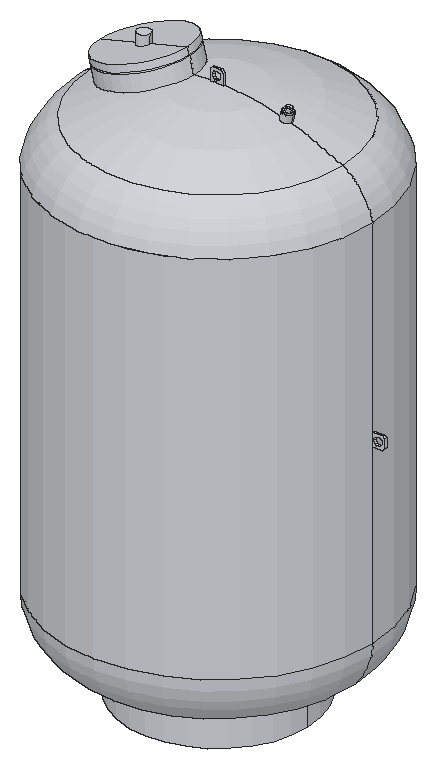
Revit family
Parameters (values of type "7500L 125# W.P")
  Weight = "4000"
  Tank Volume = "1980 Gallons"
  Tank Only = 123.188"
  Tank Height = 127.000"
  Tank Diameter = "72"
  Pipe Connector Diameter = Pipe Connection Radius * 2  # 3.000"
  Pipe Connection Radius = 1.500"
  Model = "7500L"
  Max Operating Temp = "240 Deg F"
  Max Operating Pressure = "125 PSI"
  Manufacturer = "Amtrol"
  Lifting Ring Location = (Tank Only / 2) + 3.813"  # 65.407"
  Floor to Bottom of Tank = 3.813"
  Bladder/Diaphragm = "Bladder"
  ASME = yes
Types (16): name | Weight | Tank Volume | Tank Only | Tank Height | Model | Max Operating Pressure | Lifting Ring Location
  (no name) | "4000" | "1980 Gallons" | 123.188" | 127.000" | "7500L" | "125 PSI" | 65.407"
  7500L 125# W.P | "4000" | "1980 Gallons" | 123.188" | 127.000" | "7500L" | "125 PSI" | 65.407"
  10,000L 125# W.P. | "4900" | "2640 Gallons" | 155.193" | 159.000" | "10,000L" | "125 PSI" | 81.4095"
  15,000L 125# W.P. | "6000" | "3963 Gallons" | 229.193" | 233.000" | "15,000L" | "125 PSI" | 118.4095"
  7500L 150# W.P. 10 BAR | "4300" | "1980 Gallons" | 123.188" | 127.000" | "7500L" | "150 PSI" | 65.407"
  7500L 175# W.P. | "4500" | "1980 Gallons" | 123.188" | 127.000" | "7500L" | "175 PSI" | 65.407"
  7500L 250# W.P. | "5550" | "1980 Gallons" | 123.188" | 127.000" | "7500L" | "250 PSI" | 65.407"
  7500L 300# W.P. | "5830" | "1980 Gallons" | 123.188" | 127.000" | "7500L" | "300 PSI" | 65.407"
  10,000L 150# W.P. 10 BAR | "5300" | "2640 Gallons" | 155.193" | 159.000" | "10,000L" | "150 PSI" | 81.4095"
  10,000L 175# W.P. | "5500" | "2640 Gallons" | 155.193" | 159.000" | "10,000L" | "175 PSI" | 81.4095"
  10,000L 250# W.P. | "6800" | "2640 Gallons" | 155.193" | 159.000" | "10,000L" | "250 PSI" | 81.4095"
  10,000L 300# W.P. | "7150" | "2640 Gallons" | 155.193" | 159.000" | "10,000L" | "300 PSI" | 81.4095"
  15,000L 150# W.P. | "7600" | "3963 Gallons" | 229.193" | 233.000" | "15,000L" | "150 PSI" | 118.4095"
  15,000L 175# W.P. | "7900" | "3963 Gallons" | 229.193" | 233.000" | "15,000L" | "175 PSI" | 118.4095"
  15,000L 250# W.P. | "9800" | "3963 Gallons" | 229.193" | 233.000" | "15,000L" | "250 PSI" | 118.4095"
  15,000L 300# W.P. | "10300" | "3963 Gallons" | 229.193" | 233.000" | "15,000L" | "300 PSI" | 118.4095"
Reference planes (in)
  plane 1 "Center (Front/Back)": y = 0
  plane 2: z = 0
  plane 3 "Center (Left/Right)": x = 0
  plane 4: through (-0.27407, -0.71225, 48) normal (0.4226, 0.9063, 0)
Forms (in)
  Revolve 1, solid
    sketch origin (11.26636, 0, 44.2136) x (1, 0, 0) y (0, 0, 1)
      loop
        line (4.64715, 80.74792) -> (5.8746, 80.41902) -> (6.32015, 82.08183) -> (6.07867, 82.14654) -> (6.1514, 82.41796) -> (5.77662, 82.51839) -> (5.97073, 83.24283) -> (5.35955, 83.4066) -> (4.64715, 80.74792)
      axis (4.64715, 80.74792) -> (5.35955, 83.4066)
    angle from 0 to 360
  Sweep 2, solid
    path origin (-11.96649, 0, 46.56197) x (1, 0, 0) y (0, 0, 1)
      loop
        line (-5.27301, 81.80124) -> (-5.27301, 84.891)
    profile origin (-17.2395, 0, 129.90809) x (-1, 0, 0) y (0, -1, 0)
      loop
        circle (0, 0) r 1.5
  Revolve 3, solid
    sketch origin (0, 0, 0) x (1, 0, 0) y (0, 0, 1)
      loop
        line (-21, 0) -> (-20.75, 0) -> (-20.75, 9.13591) -> (-21, 9.13591) -> (-21, 0)
      axis (0, 0) -> (0, 9.13591)
    angle from 0 to 360
  Extrusion 4, solid
    sketch origin (18.05812, 0, -0.08679) x (1, 0, 0) y (0, 0, 1)
      loop
        line (17.69188, 66.99336) -> (17.69188, 63.99336) -> (20.44188, 63.99336) -> (20.94188, 64.49336) -> (20.94188, 66.49336) -> (20.44188, 66.99336) -> (17.69188, 66.99336)
      loop
        circle (19.49957, 65.49379) r 1
    from -0.23956 to 0.25
  Extrusion 5, solid
    sketch origin (0.6419, 0, 24.44236) x (1, 0, 0) y (0, 0, 1)
      loop
        line (-2.12761, 102.29891) -> (0.8566, 102.29891) -> (0.8566, 105.0048) -> (0.3566, 105.5048) -> (-1.67172, 105.5048) -> (-2.12761, 105.04891) -> (-2.12761, 102.29891)
      loop
        circle (-0.6434, 104.0048) r 1
    from -0.23956 to 0.25
  Revolve 6, solid
    sketch origin (-6.56, 0, 13.87908) x (1, 0, 0) y (0, 0, 1)
      loop
        line (-0.47819, 118.06339) -> (-10.52011, 115.37266) -> (-9.02388, 109.78867) -> (1.00672, 112.47636) -> (0, 116.23349) -> (-1.31053, 115.88233) -> (-1.3943, 116.19498) -> (-0.07245, 116.54917) -> (-0.47819, 118.06339)
      axis (-9.02388, 109.78867) -> (-10.52011, 115.37266)
    angle from 0 to 360
  Revolve 7, solid
    sketch origin (0, 0, 0) x (1, 0, 0) y (0, 0, 1)
      loop
        arc (35.98065, 110.27688) -> (33.55177, 115.78252) -> (29.03607, 119.75997) r 14
        arc (29.03607, 119.75997) -> (14.99341, 125.28671) -> (0, 127.001) r 57.96094
        line (0, 127.001) -> (0, 3.813)
        arc (0, 3.813) -> (15.54907, 5.51448) -> (30.07917, 11.3063) r 58.04232
        arc (30.07917, 11.3063) -> (34.41794, 16.29344) -> (35.98065, 22.71641) r 13.98109
        line (35.98065, 22.71641) -> (35.98065, 110.27688)
      axis (0, 3.813) -> (0, 127.001)
    angle from 0 to 360
  Revolve 8, solid
    sketch origin (0, 0, 0) x (1, 0, 0) y (0, 0, 1)
      loop
        line (-28.15207, 7.45027) -> (-27.66929, 7.16019) -> (-27.29958, 7.77549) -> (-27.00035, 7.5957) -> (-26.78378, 7.95614) -> (-26.49432, 7.78222) -> (-25.62614, 9.22711) -> (-26.6976, 9.87091) -> (-28.15207, 7.45027)
      axis (-28.15207, 7.45027) -> (-26.6976, 9.87091)
    angle from 0 to 360
Dimensions and locks (in)
  locked: Revolve 1 sketch curve to Revolve 1 sketch curve at 1.72147
  locked: Revolve 1 sketch curve to Revolve 1 sketch curve at 2.00247
  locked: Revolve 1 sketch curve to Revolve 1 sketch curve at 2.75247
  locked: Extrusion 4 sketch curve to Extrusion 4 sketch curve at 3
  Extrusion 4 sketch curve to Extrusion 4 sketch curve = 3.250"
  "Lifting Ring Location": Extrusion 4 sketch curve to level
  Extrusion 4 sketch curve to Extrusion 4 sketch curve = 0.80768"
  Revolve 6 sketch curve to Revolve 6 sketch curve = 3.88967"
  locked: Revolve 6 sketch curve to Revolve 6 sketch curve at 5.78099
  Extrusion 5 sketch curve to Extrusion 5 sketch curve = 3.20589"
  Extrusion 5 sketch curve to Extrusion 5 sketch curve = 2.98421"
  "Floor to Bottom of Tank": Revolve 7 sketch curve to level
  "Tank Only": Revolve 7 sketch curve to Revolve 7 sketch curve
  Revolve 7 sketch curve to Revolve 7 sketch curve = 43.96094"
  Revolve 8 sketch curve to Revolve 8 sketch curve = 1.68566"
  Revolve 8 sketch curve to Revolve 8 sketch curve = 2.10617"
  Revolve 8 sketch curve to Revolve 8 sketch curve = 2.824"
  locked: Revolve 6 sketch curve to Revolve 7 at 13.39087
  locked: Revolve 6 sketch curve to Revolve 7 at 16.07856
  locked: Revolve 1 sketch curve to Revolve 7 at 14.68464
  locked: Revolve 1 sketch curve to Revolve 7 at 14.35575
  locked: Extrusion 5 sketch curve to Revolve 7 at 16.4644
  locked: Sweep 2 sketch curve to Revolve 7 at 18.08633
  locked: plane 3 "Center (Left/Right)" to Sweep 2 sketch curve at 17.2395
  radius of Extrusion 4 sketch curve = 1.000"
  radius of Revolve 7 sketch curve = 57.96094"
  radius of Revolve 7 sketch curve = 14.000"
  locked: Revolve 7 sketch curve to Revolve 7 sketch curve (angle 49.642°)
  aligned and locked: Revolve 1 sketch curve to Revolve 1 sketch curve
  aligned and locked: Revolve 3 sketch curve to level
  aligned and locked: level to Revolve 3 sketch curve
  aligned and locked: plane 3 "Center (Left/Right)" to Revolve 3 sketch curve
  aligned: plane 1 "Center (Front/Back)" to Extrusion 4
  aligned and locked: Revolve 6 sketch curve to Revolve 6 sketch curve  (x2)
  aligned and locked: import instance to plane 1 "Center (Front/Back)"
  aligned and locked: Revolve 7 sketch curve to Revolve 3
  aligned and locked: plane 3 "Center (Left/Right)" to Revolve 7 sketch curve
Automatic sketch dimensions
  Revolve 1 sketch curve to Revolve 1 sketch curve = 0.38839"
  Revolve 1 sketch curve to Revolve 1 sketch curve = 0.54353"
  Revolve 1 sketch curve to Revolve 1 sketch curve = 0.62319"
  Revolve 1 sketch curve to Revolve 1 sketch curve = 0.24148"
  Sweep 2 sketch curve to Sweep 2 sketch curve = 3.08976"
  plane 1 "Center (Front/Back)" to Sweep 2 sketch curve = 0.000"
  Sweep 2 sketch curve to profile plane = 0.000"
  plane 3 "Center (Left/Right)" to Revolve 1 sketch curve = 15.52512"
  Revolve 1 sketch curve to Revolve 1 sketch curve = 0.41707"
  plane 3 "Center (Left/Right)" to Extrusion 4 sketch curve = 35.750"
  Extrusion 4 sketch curve to Extrusion 4 sketch curve = 0.94232"
  Extrusion 4 sketch curve to Extrusion 4 sketch curve = 0.500"  (x3)
  Extrusion 4 sketch curve to Extrusion 4 sketch curve = 0.99957"
  Revolve 3 sketch curve to plane 3 "Center (Left/Right)" = 0.000"
  level to Revolve 3 sketch curve = 9.13591"
  Revolve 3 sketch curve to plane 3 "Center (Left/Right)" = 20.750"
  Revolve 3 sketch curve to Revolve 3 sketch curve = 0.250"
  Revolve 3 sketch curve to Revolve 3 sketch curve = 7.98627"
  Revolve 6 sketch curve to plane 3 "Center (Left/Right)" = 6.560"
  Revolve 6 sketch curve to plane 3 "Center (Left/Right)" = 6.63245"
  Revolve 6 sketch curve to plane 3 "Center (Left/Right)" = 7.03819"
  Revolve 6 sketch curve to Revolve 6 sketch curve = 0.08377"
  Revolve 6 sketch curve to Revolve 6 sketch curve = 1.28608"
  Extrusion 5 sketch curve to plane 3 "Center (Left/Right)" = 1.48571"
  Extrusion 5 sketch curve to Extrusion 5 sketch curve = 0.45589"  (x2)
  Extrusion 5 sketch curve to plane 3 "Center (Left/Right)" = 0.0015"
  plane 3 "Center (Left/Right)" to Extrusion 5 sketch curve = 0.9985"
  Extrusion 5 sketch curve to Extrusion 5 sketch curve = 1.000"
  Extrusion 5 sketch curve to Extrusion 5 sketch curve = 1.04411"
  Revolve 6 sketch curve to Revolve 6 sketch curve = 7.71335"
  Revolve 7 sketch curve to plane 3 "Center (Left/Right)" = 0.000"
  plane 3 "Center (Left/Right)" to Revolve 7 sketch curve = 0.9686"
  plane 3 "Center (Left/Right)" to Revolve 7 sketch curve = 1.51844"
  plane 3 "Center (Left/Right)" to Revolve 7 sketch curve = 21.99956"
  plane 3 "Center (Left/Right)" to Revolve 7 sketch curve = 22.2566"
  level to Revolve 7 sketch curve = 11.3063"
  Revolve 7 sketch curve to Revolve 7 sketch curve = 5.90148"
  Revolve 7 sketch curve to Revolve 7 sketch curve = 22.999"
  level to Revolve 8 sketch curve = 7.45027"  (x2)
  Revolve 8 sketch curve to plane 3 "Center (Left/Right)" = 28.15207"
  Revolve 8 sketch curve to Revolve 8 sketch curve = 0.000"
  level to Revolve 8 sketch curve = 7.16019"
  Revolve 8 sketch curve to Revolve 8 sketch curve = 0.48278"
  level to Revolve 8 sketch curve = 7.5957"
  level to Revolve 8 sketch curve = 10.18837"
  Revolve 8 sketch curve to Revolve 8 sketch curve = 0.19075"
  level to Revolve 8 sketch curve = 7.78222"
  radius of Sweep 2 sketch curve = 1.500"
  radius of Extrusion 5 sketch curve = 1.000"
Connectors (in)
  piping at (-17.2395, 0, 131.45297), driven by "Pipe Connection Radius"
    settings: on Sweep 2, index 1
